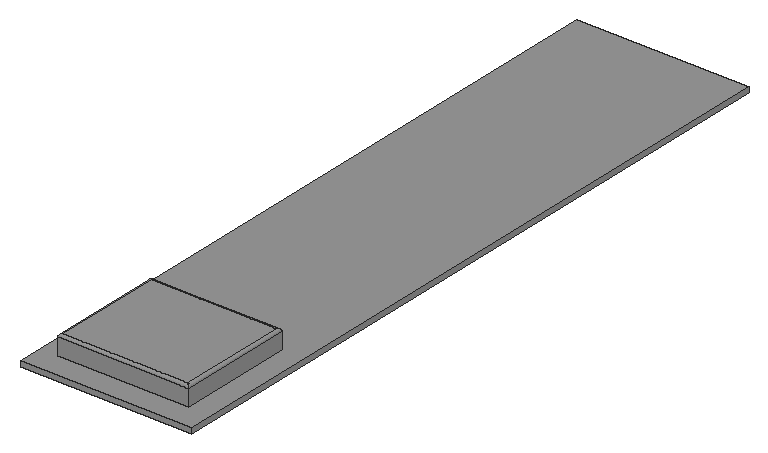
Revit family "AMY2_63_UN_Inlay LED_ETK ", category Lighting Fixtures, Revit 2017
Family settings
  Round Connector Dimension = Use Diameter
  Part Type = Normal
  OmniClass Number = 23.80.70.11.14.11
  OmniClass Title = Downlights
  Work Plane-Based = No
  Always vertical = Yes
  Cut with Voids When Loaded = No
  Light Source = No
  Shared = No
  Room Calculation Point = Yes
Parameters (values of type "AMY.2100.15 - 22W / 3000lm / 3000K")
  Wattage Comments = "22W"
  Voltage = 230 V
  URL = "https://www.etk.nl/media/wysiwyg/files/AMY.2.pdf"
  Symbol_Emergency Lighting [instance] = no
  Switch Code [instance] = ""
  Model = "AMY.2"
  Manufacturer = "ETK B.V."
  Luminaire_Body_Material = PPS Plastic
  Luminaire Code [instance] = ""
  Light Source = AMY.2 - Lightsource : AMY.2100.15 - 22W / 3000lm / 3000K
  Lamp = "LED"
  IfcExportType = "USERDEFINED"
  IfcExportAs = "IfcLightFixtureType"
  Description = "Recessed/inlay LED"
  Copyright © IVLighting = "www.ivlighting.nl"
  Bundle = "84°/87°"
  Assembly Code = "63.0"
  Apparent Load = 22 VA
Types (9, lengths in mm): name | Wattage Comments | Light Source | Apparent Load
  (no name) | "22W" | AMY.2 - Lightsource : AMY.2100.15 - 22W / 3000lm / 3000K | 22 VA
  AMY.2100.15 - 22W / 3000lm / 3000K | "22W" | AMY.2 - Lightsource : AMY.2100.15 - 22W / 3000lm / 3000K | 22 VA
  AMY.2200.15 - 22W / 3100lm / 4000K | "22W" | AMY.2 - Lightsource : AMY.2200.15 - 22W / 3100lm / 4000K | 22 VA
  AMY.2300.15 - 31W / 4100lm / 3000K | "31W" | AMY.2 - Lightsource : AMY.2300.15 - 31W / 4100lm / 3000K | 31 VA
  AMY.2400.15 - 31W / 4250lm / 4000K | "31" | AMY.2 - Lightsource : AMY.2400.15 - 31W / 4250lm / 4000K | 31 VA
  AMY.2103.15 - 22W / 3000lm / 3000K | "22W" | AMY.2 - Lightsource : AMY.2103.15 - 22W / 3000lm / 3000K | 22 VA
  AMY.2203.15 - 22W / 3100lm / 4000K | "22W" | AMY.2 - Lightsource : AMY.2203.15 - 22W / 3100lm / 4000K | 22 VA
  AMY.2303.15 - 31W / 4100lm / 3000K | "31W" | AMY.2 - Lightsource : AMY.2303.15 - 31W / 4100lm / 3000K | 31 VA
  AMY.2403.15 - 31W / 4250lm / 4000K | "31" | AMY.2 - Lightsource : AMY.2403.15 - 31W / 4250lm / 4000K | 31 VA
Reference planes
  plane 1 "Center (Front/Back)": y = 0
  plane 2: z = 0
  plane 3 "Center (Left/Right)": x = 0
  plane 4: y = 597.5
  plane 5: x = 147.5
  plane 6: y = -597.5
  plane 7: x = -147.5
  plane 8: z = 27
Forms (mm)
  Revolve 1, solid, material "PPS Plastic", not visible
    sketch origin (0, 0, 0) x (1, 0, 0) y (0, 0, 1)
      loop
        line (-108.916, 0) -> (-108.916, -4.099)
        arc (-108.916, -4.099) -> (-108.406, -4.931) -> (-107.486, -5.258) r 1.461
        line (-107.486, -5.258) -> (-97.804, -5.258) -> (-97.804, 0) -> (-108.916, 0)
      axis (0, 0) -> (0, -5.258)
    angle from 0 to 360
  Revolve 2, solid, material "PPS Plastic" <- "Luminaire_Body_Material", not visible
    sketch origin (0, 0, 0) x (1, 0, 0) y (0, 0, 1)
      loop
        line (-98.741, 0) -> (-97.8, 0) -> (-97.8, 10.593) -> (-90.959, 10.593) -> (-90.959, 14.711) -> (-83.412, 14.711) -> (-83.412, 30.415)
        arc (-83.412, 30.415) -> (-77.825, 42.741) -> (-69.855, 53.677) r 66.418
        line (-69.855, 53.677) -> (-69.855, 60.129) -> (-63.553, 60.129) -> (0, 60.129) -> (0, 61.129) -> (-63.553, 61.129) -> (-69.836, 61.129)
        arc (-69.836, 61.129) -> (-70.557, 60.83) -> (-70.855, 60.109) r 1.02
        line (-70.855, 60.109) -> (-70.855, 54.484)
        arc (-70.855, 54.484) -> (-70.927, 54.088) -> (-71.134, 53.743) r 1.124
        arc (-71.134, 53.743) -> (-77.774, 44.767) -> (-82.842, 34.818) r 67.418
        arc (-82.842, 34.818) -> (-84.016, 30.901) -> (-84.412, 26.83) r 21.103
        line (-84.412, 26.83) -> (-84.412, 16.663)
        arc (-84.412, 16.663) -> (-84.691, 15.989) -> (-85.364, 15.711) r 0.952
        line (-85.364, 15.711) -> (-91.959, 15.711) -> (-91.959, 12.616)
        arc (-91.959, 12.616) -> (-92.258, 11.893) -> (-92.981, 11.593) r 1.022
        line (-92.981, 11.593) -> (-97.697, 11.593)
        arc (-97.697, 11.593) -> (-98.435, 11.287) -> (-98.741, 10.549) r 1.045
        line (-98.741, 10.549) -> (-98.741, 0)
      axis (0, 61.129) -> (0, 0)
    angle from 0 to 360
  Revolve 3, solid, material "PPS Plastic" <- "Luminaire_Body_Material", not visible
    sketch origin (0, 0, 0) x (1, 0, 0) y (0, 0, 1)
      loop
        arc (-36.339, 86.471) -> (-49.965, 76.024) -> (-61.793, 63.579) r 109.701
        arc (-61.793, 63.579) -> (-62.487, 62.326) -> (-62.707, 60.91) r 4.094
        line (-62.707, 60.91) -> (0, 60.91) -> (0, 86.471) -> (-36.339, 86.471)
      axis (0, 86.471) -> (0, 60.91)
    angle from 0 to 360
  Extrusion 4, solid, material "PPS Plastic" <- "Luminaire_Body_Material", not visible
    sketch origin (0, 0, 0) x (1, 0, 0) y (0, 1, 0)
      loop
        circle (0, 0) r 45
    from 86.471 to 87.3
  Extrusion 5, solid, material "UHMW, Black", not visible
    sketch origin (0, 0, 195.137) x (-1, 0, 0) y (0, -1, 0)
      loop
        line (-0.938, -10.632) -> (-0.938, -44.99)
        arc (-0.938, -44.99) -> (0, -45) -> (0.938, -44.99) r 45
        line (0.938, -44.99) -> (0.938, -10.681)
        arc (0.938, -10.681) -> (0, -10.671) -> (-0.938, -10.632) r 29.304
    from -107.837 to -82.548
  Extrusion 6, solid, material "UHMW, Black", not visible
    sketch origin (0, 0, 195.137) x (-0.978148, -0.207912, 0) y (0.207912, -0.978148, 0)
      loop
        line (-0.938, -10.632) -> (-0.938, -44.99)
        arc (-0.938, -44.99) -> (0, -45) -> (0.938, -44.99) r 45
        line (0.938, -44.99) -> (0.938, -10.681)
        arc (0.938, -10.681) -> (0, -10.671) -> (-0.938, -10.632) r 29.304
    from -107.837 to -82.548
  Extrusion 7, solid, material "UHMW, Black", not visible
    sketch origin (0, 0, 195.137) x (-0.978148, 0.207912, 0) y (-0.207912, -0.978148, 0)
      loop
        line (-0.938, -10.632) -> (-0.938, -44.99)
        arc (-0.938, -44.99) -> (0, -45) -> (0.938, -44.99) r 45
        line (0.938, -44.99) -> (0.938, -10.681)
        arc (0.938, -10.681) -> (0, -10.671) -> (-0.938, -10.632) r 29.304
    from -107.837 to -82.548
  Extrusion 8, solid, material "UHMW, Black", not visible
    sketch origin (0, 0, 195.137) x (-0.913545, 0.406737, 0) y (-0.406737, -0.913545, 0)
      loop
        line (-0.938, -10.632) -> (-0.938, -44.99)
        arc (-0.938, -44.99) -> (0, -45) -> (0.938, -44.99) r 45
        line (0.938, -44.99) -> (0.938, -10.681)
        arc (0.938, -10.681) -> (0, -10.671) -> (-0.938, -10.632) r 29.304
    from -107.837 to -82.548
  Extrusion 9, solid, material "UHMW, Black", not visible
    sketch origin (0, 0, 195.137) x (-0.809017, 0.587785, 0) y (-0.587785, -0.809017, 0)
      loop
        line (-0.938, -10.632) -> (-0.938, -44.99)
        arc (-0.938, -44.99) -> (0, -45) -> (0.938, -44.99) r 45
        line (0.938, -44.99) -> (0.938, -10.681)
        arc (0.938, -10.681) -> (0, -10.671) -> (-0.938, -10.632) r 29.304
    from -107.837 to -82.548
  Extrusion 10, solid, material "UHMW, Black", not visible
    sketch origin (0, 0, 195.137) x (-0.669131, 0.743145, 0) y (-0.743145, -0.669131, 0)
      loop
        line (-0.938, -10.632) -> (-0.938, -44.99)
        arc (-0.938, -44.99) -> (0, -45) -> (0.938, -44.99) r 45
        line (0.938, -44.99) -> (0.938, -10.681)
        arc (0.938, -10.681) -> (0, -10.671) -> (-0.938, -10.632) r 29.304
    from -107.837 to -82.548
  Extrusion 11, solid, material "UHMW, Black", not visible
    sketch origin (0, 0, 195.137) x (-0.5, 0.866025, 0) y (-0.866025, -0.5, 0)
      loop
        line (-0.938, -10.632) -> (-0.938, -44.99)
        arc (-0.938, -44.99) -> (0, -45) -> (0.938, -44.99) r 45
        line (0.938, -44.99) -> (0.938, -10.681)
        arc (0.938, -10.681) -> (0, -10.671) -> (-0.938, -10.632) r 29.304
    from -107.837 to -82.548
  Extrusion 12, solid, material "UHMW, Black", not visible
    sketch origin (0, 0, 195.137) x (-0.309017, 0.951057, 0) y (-0.951057, -0.309017, 0)
      loop
        line (-0.938, -10.632) -> (-0.938, -44.99)
        arc (-0.938, -44.99) -> (0, -45) -> (0.938, -44.99) r 45
        line (0.938, -44.99) -> (0.938, -10.681)
        arc (0.938, -10.681) -> (0, -10.671) -> (-0.938, -10.632) r 29.304
    from -107.837 to -82.548
  Extrusion 13, solid, material "UHMW, Black", not visible
    sketch origin (0, 0, 195.137) x (-0.104528, 0.994522, 0) y (-0.994522, -0.104528, 0)
      loop
        line (-0.938, -10.632) -> (-0.938, -44.99)
        arc (-0.938, -44.99) -> (0, -45) -> (0.938, -44.99) r 45
        line (0.938, -44.99) -> (0.938, -10.681)
        arc (0.938, -10.681) -> (0, -10.671) -> (-0.938, -10.632) r 29.304
    from -107.837 to -82.548
  Extrusion 14, solid, material "UHMW, Black", not visible
    sketch origin (0, 0, 195.137) x (0.104528, 0.994522, 0) y (-0.994522, 0.104528, 0)
      loop
        line (-0.938, -10.632) -> (-0.938, -44.99)
        arc (-0.938, -44.99) -> (0, -45) -> (0.938, -44.99) r 45
        line (0.938, -44.99) -> (0.938, -10.681)
        arc (0.938, -10.681) -> (0, -10.671) -> (-0.938, -10.632) r 29.304
    from -107.837 to -82.548
  Extrusion 15, solid, material "UHMW, Black", not visible
    sketch origin (0, 0, 195.137) x (0.309017, 0.951057, 0) y (-0.951057, 0.309017, 0)
      loop
        line (-0.938, -10.632) -> (-0.938, -44.99)
        arc (-0.938, -44.99) -> (0, -45) -> (0.938, -44.99) r 45
        line (0.938, -44.99) -> (0.938, -10.681)
        arc (0.938, -10.681) -> (0, -10.671) -> (-0.938, -10.632) r 29.304
    from -107.837 to -82.548
  Extrusion 16, solid, material "UHMW, Black", not visible
    sketch origin (0, 0, 195.137) x (0.5, 0.866025, 0) y (-0.866025, 0.5, 0)
      loop
        line (-0.938, -10.632) -> (-0.938, -44.99)
        arc (-0.938, -44.99) -> (0, -45) -> (0.938, -44.99) r 45
        line (0.938, -44.99) -> (0.938, -10.681)
        arc (0.938, -10.681) -> (0, -10.671) -> (-0.938, -10.632) r 29.304
    from -107.837 to -82.548
  Extrusion 17, solid, material "UHMW, Black", not visible
    sketch origin (0, 0, 195.137) x (0.669131, 0.743145, 0) y (-0.743145, 0.669131, 0)
      loop
        line (-0.938, -10.632) -> (-0.938, -44.99)
        arc (-0.938, -44.99) -> (0, -45) -> (0.938, -44.99) r 45
        line (0.938, -44.99) -> (0.938, -10.681)
        arc (0.938, -10.681) -> (0, -10.671) -> (-0.938, -10.632) r 29.304
    from -107.837 to -82.548
  Extrusion 18, solid, material "UHMW, Black", not visible
    sketch origin (0, 0, 195.137) x (0.809017, 0.587785, 0) y (-0.587785, 0.809017, 0)
      loop
        line (-0.938, -10.632) -> (-0.938, -44.99)
        arc (-0.938, -44.99) -> (0, -45) -> (0.938, -44.99) r 45
        line (0.938, -44.99) -> (0.938, -10.681)
        arc (0.938, -10.681) -> (0, -10.671) -> (-0.938, -10.632) r 29.304
    from -107.837 to -82.548
  Extrusion 19, solid, material "UHMW, Black", not visible
    sketch origin (0, 0, 195.137) x (0.913545, 0.406737, 0) y (-0.406737, 0.913545, 0)
      loop
        line (-0.938, -10.632) -> (-0.938, -44.99)
        arc (-0.938, -44.99) -> (0, -45) -> (0.938, -44.99) r 45
        line (0.938, -44.99) -> (0.938, -10.681)
        arc (0.938, -10.681) -> (0, -10.671) -> (-0.938, -10.632) r 29.304
    from -107.837 to -82.548
  Extrusion 20, solid, material "UHMW, Black", not visible
    sketch origin (0, 0, 195.137) x (0.978148, 0.207912, 0) y (-0.207912, 0.978148, 0)
      loop
        line (-0.938, -10.632) -> (-0.938, -44.99)
        arc (-0.938, -44.99) -> (0, -45) -> (0.938, -44.99) r 45
        line (0.938, -44.99) -> (0.938, -10.681)
        arc (0.938, -10.681) -> (0, -10.671) -> (-0.938, -10.632) r 29.304
    from -107.837 to -82.548
  Extrusion 21, solid, material "UHMW, Black", not visible
    sketch origin (0, 0, 195.137) x (1, 0, 0) y (0, 1, 0)
      loop
        line (-0.938, -10.632) -> (-0.938, -44.99)
        arc (-0.938, -44.99) -> (0, -45) -> (0.938, -44.99) r 45
        line (0.938, -44.99) -> (0.938, -10.681)
        arc (0.938, -10.681) -> (0, -10.671) -> (-0.938, -10.632) r 29.304
    from -107.837 to -82.548
  Extrusion 22, solid, material "UHMW, Black", not visible
    sketch origin (0, 0, 195.137) x (0.978148, -0.207912, 0) y (0.207912, 0.978148, 0)
      loop
        line (-0.938, -10.632) -> (-0.938, -44.99)
        arc (-0.938, -44.99) -> (0, -45) -> (0.938, -44.99) r 45
        line (0.938, -44.99) -> (0.938, -10.681)
        arc (0.938, -10.681) -> (0, -10.671) -> (-0.938, -10.632) r 29.304
    from -107.837 to -82.548
  Extrusion 23, solid, material "UHMW, Black", not visible
    sketch origin (0, 0, 195.137) x (0.913545, -0.406737, 0) y (0.406737, 0.913545, 0)
      loop
        line (-0.938, -10.632) -> (-0.938, -44.99)
        arc (-0.938, -44.99) -> (0, -45) -> (0.938, -44.99) r 45
        line (0.938, -44.99) -> (0.938, -10.681)
        arc (0.938, -10.681) -> (0, -10.671) -> (-0.938, -10.632) r 29.304
    from -107.837 to -82.548
  Extrusion 24, solid, material "UHMW, Black", not visible
    sketch origin (0, 0, 195.137) x (0.809017, -0.587785, 0) y (0.587785, 0.809017, 0)
      loop
        line (-0.938, -10.632) -> (-0.938, -44.99)
        arc (-0.938, -44.99) -> (0, -45) -> (0.938, -44.99) r 45
        line (0.938, -44.99) -> (0.938, -10.681)
        arc (0.938, -10.681) -> (0, -10.671) -> (-0.938, -10.632) r 29.304
    from -107.837 to -82.548
  Extrusion 25, solid, material "UHMW, Black", not visible
    sketch origin (0, 0, 195.137) x (0.669131, -0.743145, 0) y (0.743145, 0.669131, 0)
      loop
        line (-0.938, -10.632) -> (-0.938, -44.99)
        arc (-0.938, -44.99) -> (0, -45) -> (0.938, -44.99) r 45
        line (0.938, -44.99) -> (0.938, -10.681)
        arc (0.938, -10.681) -> (0, -10.671) -> (-0.938, -10.632) r 29.304
    from -107.837 to -82.548
  Extrusion 26, solid, material "UHMW, Black", not visible
    sketch origin (0, 0, 195.137) x (0.5, -0.866025, 0) y (0.866025, 0.5, 0)
      loop
        line (-0.938, -10.632) -> (-0.938, -44.99)
        arc (-0.938, -44.99) -> (0, -45) -> (0.938, -44.99) r 45
        line (0.938, -44.99) -> (0.938, -10.681)
        arc (0.938, -10.681) -> (0, -10.671) -> (-0.938, -10.632) r 29.304
    from -107.837 to -82.548
  Extrusion 27, solid, material "UHMW, Black", not visible
    sketch origin (0, 0, 195.137) x (0.309017, -0.951057, 0) y (0.951057, 0.309017, 0)
      loop
        line (-0.938, -10.632) -> (-0.938, -44.99)
        arc (-0.938, -44.99) -> (0, -45) -> (0.938, -44.99) r 45
        line (0.938, -44.99) -> (0.938, -10.681)
        arc (0.938, -10.681) -> (0, -10.671) -> (-0.938, -10.632) r 29.304
    from -107.837 to -82.548
  Extrusion 28, solid, material "UHMW, Black", not visible
    sketch origin (0, 0, 195.137) x (0.104528, -0.994522, 0) y (0.994522, 0.104528, 0)
      loop
        line (-0.938, -10.632) -> (-0.938, -44.99)
        arc (-0.938, -44.99) -> (0, -45) -> (0.938, -44.99) r 45
        line (0.938, -44.99) -> (0.938, -10.681)
        arc (0.938, -10.681) -> (0, -10.671) -> (-0.938, -10.632) r 29.304
    from -107.837 to -82.548
  Extrusion 29, solid, material "UHMW, Black", not visible
    sketch origin (0, 0, 195.137) x (-0.104528, -0.994522, 0) y (0.994522, -0.104528, 0)
      loop
        line (-0.938, -10.632) -> (-0.938, -44.99)
        arc (-0.938, -44.99) -> (0, -45) -> (0.938, -44.99) r 45
        line (0.938, -44.99) -> (0.938, -10.681)
        arc (0.938, -10.681) -> (0, -10.671) -> (-0.938, -10.632) r 29.304
    from -107.837 to -82.548
  Extrusion 30, solid, material "UHMW, Black", not visible
    sketch origin (0, 0, 195.137) x (-0.309017, -0.951057, 0) y (0.951057, -0.309017, 0)
      loop
        line (-0.938, -10.632) -> (-0.938, -44.99)
        arc (-0.938, -44.99) -> (0, -45) -> (0.938, -44.99) r 45
        line (0.938, -44.99) -> (0.938, -10.681)
        arc (0.938, -10.681) -> (0, -10.671) -> (-0.938, -10.632) r 29.304
    from -107.837 to -82.548
  Extrusion 31, solid, material "UHMW, Black", not visible
    sketch origin (0, 0, 195.137) x (-0.5, -0.866025, 0) y (0.866025, -0.5, 0)
      loop
        line (-0.938, -10.632) -> (-0.938, -44.99)
        arc (-0.938, -44.99) -> (0, -45) -> (0.938, -44.99) r 45
        line (0.938, -44.99) -> (0.938, -10.681)
        arc (0.938, -10.681) -> (0, -10.671) -> (-0.938, -10.632) r 29.304
    from -107.837 to -82.548
  Extrusion 32, solid, material "UHMW, Black", not visible
    sketch origin (0, 0, 195.137) x (-0.669131, -0.743145, 0) y (0.743145, -0.669131, 0)
      loop
        line (-0.938, -10.632) -> (-0.938, -44.99)
        arc (-0.938, -44.99) -> (0, -45) -> (0.938, -44.99) r 45
        line (0.938, -44.99) -> (0.938, -10.681)
        arc (0.938, -10.681) -> (0, -10.671) -> (-0.938, -10.632) r 29.304
    from -107.837 to -82.548
  Extrusion 33, solid, material "UHMW, Black", not visible
    sketch origin (0, 0, 195.137) x (-0.809017, -0.587785, 0) y (0.587785, -0.809017, 0)
      loop
        line (-0.938, -10.632) -> (-0.938, -44.99)
        arc (-0.938, -44.99) -> (0, -45) -> (0.938, -44.99) r 45
        line (0.938, -44.99) -> (0.938, -10.681)
        arc (0.938, -10.681) -> (0, -10.671) -> (-0.938, -10.632) r 29.304
    from -107.837 to -82.548
  Extrusion 34, solid, material "UHMW, Black", not visible
    sketch origin (0, 0, 195.137) x (-0.913545, -0.406737, 0) y (0.406737, -0.913545, 0)
      loop
        line (-0.938, -10.632) -> (-0.938, -44.99)
        arc (-0.938, -44.99) -> (0, -45) -> (0.938, -44.99) r 45
        line (0.938, -44.99) -> (0.938, -10.681)
        arc (0.938, -10.681) -> (0, -10.671) -> (-0.938, -10.632) r 29.304
    from -107.837 to -82.548
  Extrusion 35, solid, material "PPS Plastic" <- "Luminaire_Body_Material", not visible
    sketch origin (0.938, 0, 0) x (1, 0, 0) y (0, 0, 1)
      loop
        line (-90.709, 14.711) -> (-89.709, 14.711) -> (-89.709, 47.263)
        arc (-89.709, 47.263) -> (-89.547, 48.318) -> (-89.074, 49.276) r 3.51
        line (-89.074, 49.276) -> (-63.792, 85.382)
        arc (-63.792, 85.382) -> (-62.879, 86.183) -> (-61.7, 86.471) r 2.554
        line (-61.7, 86.471) -> (-36.836, 86.471) -> (-36.836, 87.3) -> (-62.068, 87.3)
        arc (-62.068, 87.3) -> (-63.489, 86.952) -> (-64.589, 85.988) r 3.078
        line (-64.589, 85.988) -> (-90.082, 49.58)
        arc (-90.082, 49.58) -> (-90.549, 48.634) -> (-90.709, 47.591) r 3.468
        line (-90.709, 47.591) -> (-90.709, 14.711)
    from -18.722 to 17.678
  Extrusion 36, solid, material "PPS Plastic" <- "Luminaire_Body_Material", not visible
    sketch origin (-0.938, 0, 0) x (-1, 0, 0) y (0, 0, -1)
      loop
        line (-90.709, -14.711) -> (-90.709, -47.591)
        arc (-90.709, -47.591) -> (-90.549, -48.634) -> (-90.082, -49.58) r 3.468
        line (-90.082, -49.58) -> (-64.589, -85.988)
        arc (-64.589, -85.988) -> (-63.489, -86.952) -> (-62.068, -87.3) r 3.078
        line (-62.068, -87.3) -> (-36.836, -87.3) -> (-36.836, -86.471) -> (-61.7, -86.471)
        arc (-61.7, -86.471) -> (-62.879, -86.183) -> (-63.792, -85.382) r 2.554
        line (-63.792, -85.382) -> (-89.074, -49.276)
        arc (-89.074, -49.276) -> (-89.547, -48.318) -> (-89.709, -47.263) r 3.51
        line (-89.709, -47.263) -> (-89.709, -14.711) -> (-90.709, -14.711)
    from -18.722 to 17.678
  Revolve 37, solid, material "PPS Plastic", not visible
    sketch origin (0, 0, 0) x (1, 0, 0) y (0, 0, 1)
      loop
        arc (-61.908, 31.25) -> (-81.159, 16.629) -> (-98.212, -0.504) r 175.119
        line (-98.212, -0.504) -> (-98.212, -1.729)
        arc (-98.212, -1.729) -> (-81.093, 15.622) -> (-61.721, 30.415) r 174.319
        line (-61.721, 30.415) -> (0, 30.415) -> (0, 31.25) -> (-61.908, 31.25)
      axis (0, 31.25) -> (0, -1.729)
    angle from 0 to 360
  Revolve 38, solid, material "Glass, White, High Luminance", not visible
    sketch origin (0, 0, 0) x (1, 0, 0) y (0, 0, 1)
      loop
        line (-63.082, 29.507) -> (0, 29.507) -> (0, 30.415) -> (-61.721, 30.415)
        arc (-61.721, 30.415) -> (-62.416, 29.983) -> (-63.082, 29.507) r 12.642
      axis (0, 30.415) -> (0, 29.415)
    angle from 0 to 360
  Extrusion 39, solid, material "PPS Plastic" <- "Luminaire_Body_Material"
    sketch origin (0, 0, 0) x (1, 0, 0) y (0, 1, 0)
      loop
        line (-147.5, 597.5) -> (-147.5, -597.5) -> (147.5, -597.5) -> (147.5, 597.5) -> (-147.5, 597.5)
      loop
        arc (-47, 552.5) -> (-49.121, 551.621) -> (-50, 549.5) r 3
        line (-50, 549.5) -> (-50, -549.5)
        arc (-50, -549.5) -> (-49.121, -551.621) -> (-47, -552.5) r 3
        line (-47, -552.5) -> (47, -552.5)
        arc (47, -552.5) -> (49.121, -551.621) -> (50, -549.5) r 3
        line (50, -549.5) -> (50, 549.5)
        arc (50, 549.5) -> (49.121, 551.621) -> (47, 552.5) r 3
        line (47, 552.5) -> (-47, 552.5)
    from 0 to 9
  Extrusion 40, solid, material "Glass, White, High Luminance"
    sketch origin (0, 0, 0) x (1, 0, 0) y (0, 1, 0)
      loop
        arc (-47, 552.5) -> (-49.121, 551.621) -> (-50, 549.5) r 3
        line (-50, 549.5) -> (-50, -549.5)
        arc (-50, -549.5) -> (-49.121, -551.621) -> (-47, -552.5) r 3
        line (-47, -552.5) -> (47, -552.5)
        arc (47, -552.5) -> (49.121, -551.621) -> (50, -549.5) r 3
        line (50, -549.5) -> (50, 549.5)
        arc (50, 549.5) -> (49.121, 551.621) -> (47, 552.5) r 3
        line (47, 552.5) -> (-47, 552.5)
    from 0 to 4.143
  Extrusion 41, solid, material "PPS Plastic" <- "Luminaire_Body_Material"
    sketch origin (0, 0, 0) x (1, 0, 0) y (0, 1, 0)
      loop
        line (-147.5, 597.5) -> (-147.5, -597.5) -> (147.5, -597.5) -> (147.5, 597.5) -> (-147.5, 597.5)
    from 4.143 to 9
  Extrusion 42, solid, material "PPS Plastic" <- "Luminaire_Body_Material"
    sketch origin (0, 0, 0) x (1, 0, 0) y (0, 0, 1)
      loop
        line (-112.074, 9) -> (102.926, 9) -> (102.926, 42) -> (-112.074, 42) -> (-112.074, 9)
    from 360 to 550
  Sweep 43, solid, material "PPS Plastic" <- "Luminaire_Body_Material"
    path origin (0, 0, 0) x (1, 0, 0) y (0, 1, 0)
      loop
        line (-117.074, -555) -> (107.926, -555) -> (107.926, -355) -> (-117.074, -355) -> (-117.074, -555)
    profile origin (-117.074, -455, 0) x (-1, 0, 0) y (0, 0, 1)
      loop
        line (0, 9) -> (0, 37)
        arc (0, 37) -> (-1.464, 40.536) -> (-5, 42) r 5
        line (-5, 42) -> (-5, 9) -> (0, 9)
Cuts and joins
  joined: Extrusion 39, Extrusion 41
  joined: Extrusion 42, Sweep 43
Dimensions and locks
  plane 8 to level = 27 mm  (x2)
  Extrusion 42 sketch curve to cut or joined group of Extrusion 39, Extrusion 41 = 42 mm
  Extrusion 39 sketch curve to cut or joined group of Extrusion 39, Extrusion 41 = 45 mm
  cut or joined group of Extrusion 39, Extrusion 41 to Extrusion 39 sketch curve = 45 mm
  aligned and locked: level to plane 2
  aligned and locked: Extrusion 39 to plane 4
  aligned and locked: Extrusion 39 to plane 6
  aligned and locked: Extrusion 39 to plane 7
  aligned and locked: Extrusion 39 to plane 5
Nested families
  nested 1: "AMY.2 - Lightsource" at (0, 0, 0), type <- "Light Source", type "AMY.2100.15 - 22W / 3000lm / 3000K"
  nested 2: "AMY.2 Light_Symbol_IVL" at (0.524, -0.02, 0), type "AMY.2 Light_Symbol_IVL"
Connectors
  electrical at (0, 0, 9), driven by "Apparent Load", driven by "Voltage"
    settings: on cut or joined group of Extrusion 39, Extrusion 41, index 1, voltage 230 V, apparent load 0 VA, apparent load phase1 22 VA, apparent load phase2 0 VA, apparent load phase3 0 VA, power factor 1, load classification "Lighting", number of poles 1, system type 31, power factor state 1, is connector primary yes, connector utility no, sub classification motor no, connector description ""
Definition of nested family "AMY.2 - Lightsource"
  Parameters (values of type "AMY.2403.15 - 31W / 4250lm / 4000K")
    Wattage Comments = "31W"
    Wattage = 28.6114 W
    built-in parameter 1150110 = 1 (stored number, unit not read)
    URL = "https://www.etk.nl/?___store=en&___from_store=nl"
    built-in parameter 1114217 = 1 (stored number, unit not read)
    Tilt Angle = 90.00°
    built-in parameter 1150109 = 1 (stored number, unit not read)
    built-in parameter 1150134 = 12
    built-in parameter 1150113 = 1 (stored number, unit not read)
    Photometric Web File = "AMY.2403.15_LDT.ies"
    Model = "AMY.2"
    Manufacturer = "ETK B.V."
    built-in parameter 1150105 = 1034.3 (stored number, unit not read)
    Lumens = 4250 lm
    built-in parameter 1150115 = 1 (stored number, unit not read)
    built-in parameter 1150137 = (empty or 0)
    built-in parameter 1150139 = (empty or 0)
    built-in parameter 1150112 = 1 (stored number, unit not read)
    built-in parameter 1150114 = 1 (stored number, unit not read)
    Lamp = "LED"
    built-in parameter 1150132 = 2
    built-in parameter 1150102 = (empty or 0)
    built-in parameter 1150107 = 4000 (stored number, unit not read)
    built-in parameter 1150138 = (empty or 0)
    built-in parameter 1150106 = 10.343 (stored number, unit not read)
    built-in parameter 1150104 = 13.8 (stored number, unit not read)
    Dimming Lamp Color Temperature Shift = (empty or 0)
    Description = "Light sources"
    Copyright © IVLighting = "www.ivlighting.nl"
    Color Filter = 16777215
    Bundle = "85°/89°"
    built-in parameter 1114218 = 1 (stored number, unit not read)
    built-in parameter 1150133 = 10 (stored number, unit not read)
    Assembly Code = "63.0"
    Apparent Load = 31 VA
  Types (8, lengths in mm): name | Wattage Comments | Wattage | built-in parameter 1150134 | Photometric Web File | built-in parameter 1150105 | Lumens | built-in parameter 1150107 | built-in parameter 1150106 | Apparent Load
    AMY.2100.15 - 22W / 3000lm / 3000K | "22W" | 20.1963 W | (empty or 0) | "AMY.2100.15_LDT.ies" | 730.1 (stored number, unit not read) | 3000 lm | 3000 (stored number, unit not read) | 7.301 (stored number, unit not read) | 22 VA
    AMY.2200.15 - 22W / 3100lm / 4000K | "22W" | 20.8695 W | 12 | "AMY.2200.15_LDT.ies" | 754.43 (stored number, unit not read) | 3100 lm | 4000 (stored number, unit not read) | 7.5443 (stored number, unit not read) | 22 VA
    AMY.2300.15 - 31W / 4100lm / 3000K | "31W" | 27.6016 W | (empty or 0) | "AMY.2300.15_LDT.ies" | 997.8 (stored number, unit not read) | 4100 lm | 3000 (stored number, unit not read) | 9.978 (stored number, unit not read) | 31 VA
    AMY.2400.15 - 31W / 4250lm / 4000K | "31W" | 28.6114 W | 12 | "AMY.2400.15_LDT.ies" | 1034.3 (stored number, unit not read) | 4250 lm | 4000 (stored number, unit not read) | 10.343 (stored number, unit not read) | 31 VA
    AMY.2103.15 - 22W / 3000lm / 3000K | "22W" | 20.1963 W | (empty or 0) | "AMY.2103.15_LDT.ies" | 730.1 (stored number, unit not read) | 3000 lm | 3000 (stored number, unit not read) | 7.301 (stored number, unit not read) | 22 VA
    AMY.2203.15 - 22W / 3100lm / 4000K | "22W" | 20.8695 W | 12 | "AMY.2203.15_LDT.ies" | 754.43 (stored number, unit not read) | 3100 lm | 4000 (stored number, unit not read) | 7.5443 (stored number, unit not read) | 22 VA
    AMY.2303.15 - 31W / 4100lm / 3000K | "31W" | 27.6016 W | (empty or 0) | "AMY.2303.15_LDT.ies" | 997.8 (stored number, unit not read) | 4100 lm | 3000 (stored number, unit not read) | 9.978 (stored number, unit not read) | 31 VA
    AMY.2403.15 - 31W / 4250lm / 4000K | "31W" | 28.6114 W | 12 | "AMY.2403.15_LDT.ies" | 1034.3 (stored number, unit not read) | 4250 lm | 4000 (stored number, unit not read) | 10.343 (stored number, unit not read) | 31 VA
  Reference planes
    plane 1 "Center (Front/Back)": y = 0
    plane 2: z = 0
    plane 3 "Center (Left/Right)": x = 0
  Dimensions and locks
    aligned and locked: level to plane 2
Definition of nested family "AMY.2 Light_Symbol_IVL"
  Parameters (values of type "AMY.2 Light_Symbol_IVL")
    Symbol_Emergency Lighting = no
  Reference planes
    plane 1: y = 0
    plane 2: x = 0
  Lines and regions (mm)
    Filled region 1, type "Filled region 1", visible <- "Symbol_Emergency Lighting"
      outline origin (-1.5, 6, 0) x (1, 0, 0) y (0, 1, 0)
        loop
          line (0, 0) -> (0, -12) -> (1.5, -6) -> (0, 0)
    Filled region 2, type "Filled region 1", visible <- "Symbol_Emergency Lighting"
      outline origin (1.5, 6, 0) x (0, 1, 0) y (-1, 0, 0)
        loop
          line (0, 0) -> (-6, 1.5) -> (-12, 0) -> (0, 0)
    detail lines
      curve 1: line (1.5, -6, 0) -> (1.5, 6, 0)
      curve 2: line (-1.5, 6, 0) -> (1.5, 6, 0)
      curve 3: line (-1.5, -6, 0) -> (1.5, -6, 0)
      curve 4: line (-1.5, 6, 0) -> (-1.5, -6, 0)
  Dimensions and locks
    curve 3 to curve 2 = 12 mm
